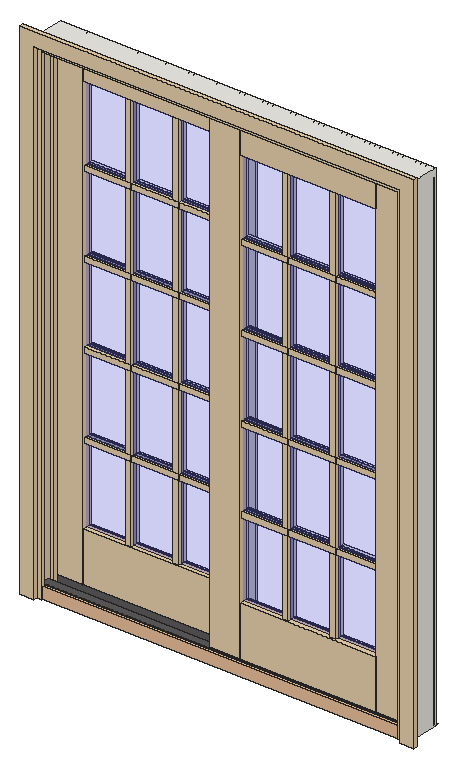
Revit family "Door-Gliding-Andersen-E_Series-Double 2", category Doors, host Wall, Revit 2013
Parameters
  Type Comments = "Aluminum-clad wood Gliding Door"  # constant formula
  Rough Width = Width + (Rough Opening Offset * 2)  # 5' - 0 1/2"
  Rough Height = if(1 > 0, Height + 0' 0 1/2", 0' 0")  # 6' - 8 1/2"
  Panel Type [instance] = Gliding_Panel : SP1
  Learn About These Parameters = "http://www.andersenwindows.com/for-professionals/cad-symbols-bim-support-window-doors/bim-support"
  LWide = if(or(Enter Pattern Number = 1, Enter Pattern Number = 2), . . Lights Wide, if(Enter Pattern Number = 6, . . .Lights Wide, 3))  # 3
  Grille Bar Sizes = "5/8'', 7/8'', 1 1/8'', 1 1/2'', 2 1/4''"  # constant formula
  Glazing Material = Glass ‐ Andersen - Low-E4 SmartSun
  Between Glass Grille Bar Sizes = "5/8'', 1''"  # constant formula
  Interior Trim Visibility = yes
  Grille Bar Size = 0' - 0 7/8"
  Enter Pattern Number = 1
  ..Pattern Number 1 = "Traditional"  # constant formula
  ..Pattern Number 2 = "Traditional Top Light Only"  # constant formula
  . . Lights Wide = 3
  . . Top Light Lights High = 5
  . . Bottom Light Lights High = 2
  ..Pattern Number 3 = "Prairie Each Light"  # constant formula
  ..Pattern Number 4 = "Prairie Top Light Only"  # constant formula
  ..Pattern Number 5 = "Prairie Overall"  # constant formula
  ..Pattern Number 6 = "Craftsman"  # constant formula
  . . .Lights Wide = 3
  Extension Jamb Visibility = yes
  . . .Lights High = 1
  . . .Bottom Bar Location = 1' - 0"
  . . .Bottom Bar Size = 0' - 0 7/8"
  Enter Exterior Trim Number = 0
  Exterior Trim Number 0 = "No Exterior Trim"  # constant formula
  Exterior Trim  Number 1 = "2'' Brick Mould (A753)"  # constant formula
  Exterior Trim Number 2 = "2'' Ovolo Brick Mould (A754)"  # constant formula
  Exterior Trim Number 3 = "3 1/2'' Brick Mould (A755)"  # constant formula
  Exterior Trim Number 4 = "3 1/2'' Backband & Bead Casing (A756)"  # constant formula
  Exterior Trim Number 5 = "3 1/2'' Flat Casing (A75B)"  # constant formula
  Exterior Trim Number 6 = "5 1/2'' Flat Casing (A758)"  # constant formula
  Interior Grille Bar Visibility = yes
  Exterior Grille Bar Visibility = yes
  Between Glass Grille Bar Visibility = yes
  xjamb Visibility [instance] = and(Extension Jamb Visibility, Wall Depth > 0' 4 9/16")  # no
  xjamb S1 [instance] = if(Wall Depth < 0' 4 5/8", 0' 0 1/16", 0' 0")  # 0' - 0 1/16"
  casingS2 = if(Enter Exterior Trim Number = 3, 0' 0 7/8", 0' 0 3/8")  # 0' - 0 3/8"
  casingS1 = if(Enter Exterior Trim Number = 1, 0' 0 5/8", if(or(Enter Exterior Trim Number = 2, Enter Exterior Trim Number = 3), 0' 1 1/2", 0' 0 3/8"))  # 0' - 0 3/8"
  casing4 = if(or(Enter Exterior Trim Number = 1, Enter Exterior Trim Number = 2), 0' 1 5/8", if(Enter Exterior Trim Number = 6, 0' 5 1/8", 0' 3 1/8"))  # 0' - 3 1/8"
  casing3 = if(Enter Exterior Trim Number = 1, 0' 0 3/8", if(Enter Exterior Trim Number = 2, 0' 0 5/16", 0' 0 9/16"))  # 0' - 0 9/16"
  casing2 = if(Enter Exterior Trim Number = 1, 0' 0 7/8", if(Enter Exterior Trim Number = 2, 0' 1 9/16", 0' 1 7/16"))  # 0' - 1 7/16"
  casing1 = 0' - 0 1/4"  # constant formula
  Wall Thickness [instance] = 0' - 8"
  Wall Depth [instance] = 0' - 4 9/16"
  Void Offset 1 [instance] = if(Enter Exterior Trim Number > 0, casing4, 0' 0")  # 0' - 0"
  Void Depth [instance] = if(Wall Thickness > Wall Depth, 0' 1" + Wall Thickness - Wall Depth, 0' 1")  # 0' - 4 7/16"
  VGB DLO = if(or(Enter Pattern Number = 3, or(Enter Pattern Number = 4, Enter Pattern Number = 5)), 0' 4", (H DLO - (Grille Bar Size * (V Bars))) / if(LWide > 2, LWide, 3))  # 1' - 3.41667"
  V Bars = if(LWide > 2, LWide - 1, 2)  # 2
  URL = "www.eaglewindow.com"
  TS V DLO = Height - HGO - SGO  # 5' - 8"
  TS V Bar Length = if(Enter Pattern Number = 6, . . .Bottom Bar Location - HGO - (. . .Bottom Bar Size / 2), TS V DLO)  # 5' - 8"
  TS SH DLO = if(Enter Pattern Number = 5, HGO + 0' 4" + (Grille Bar Size / 2), if(Enter Pattern Number = 6, . . .Bottom Bar Location, (TS V DLO / 2) + HGO))  # 3' - 4"
  TS S V = LWide = 2  # no
  TS S H Craftsman = and(Enter Pattern Number = 6, . . .Lights High = 2)  # no
  TS S H = and(. . Top Light Lights High = 2, or(or(or(Enter Pattern Number = 5, Enter Pattern Number = 6), Enter Pattern Number = 1), Enter Pattern Number = 2))  # no
  TS M V = or(or(or(or(or(and(LWide > 2, Enter Pattern Number = 1), and(LWide > 2, Enter Pattern Number = 2)), Enter Pattern Number = 3), Enter Pattern Number = 4), Enter Pattern Number = 5), and(LWide > 2, Enter Pattern Number = 6))  # yes
  TS M H = or(or(or(and(. . Top Light Lights High > 2, Enter Pattern Number = 1), and(. . Top Light Lights High > 2, Enter Pattern Number = 2), Enter Pattern Number = 3), Enter Pattern Number = 4), and(. . .Lights High > 2, Enter Pattern Number = 6))  # yes
  TS HGB DLO = if(or(Enter Pattern Number = 3, Enter Pattern Number = 4), 0' 4", if(and(Enter Pattern Number = 6, . . .Lights High > 2), (TS V Bar Length - (Grille Bar Size * (. . .Lights High - 1))) / . . .Lights High, if(. . Top Light Lights High > 2, (TS V Bar Length - (Grille Bar Size * (. . Top Light Lights High - 1))) / . . Top Light Lights High, 0' 4")))  # 1' - 0.9"
  TS H Bars = if(or(Enter Pattern Number = 3, Enter Pattern Number = 4), 2, if(and(Enter Pattern Number = 6, . . .Lights High > 2), . . .Lights High - 1, if(. . Top Light Lights High > 2, . . Top Light Lights High - 1, 2)))  # 4
  Sill Interior Offset [instance] = 0' - 0 5/128"  # constant formula
  Sill Height [instance] = 0' - 1 7/8"  # constant formula
  Rough Opening Offset = 0' - 0 1/4"
  Panel Bottom Inset [instance] = 0' - 2 5/32"  # constant formula
  Sill Depth [instance] = 0' - 6 1/16"  # constant formula
  SGO = 0' - 6"  # constant formula
  Product Documentation Link = "www.eaglewindow.com/_Products/Ascent-Sliding-French-Doors.aspx"
  Panel Width = ((Width / 2) - 0' 1 3/4") + 0' 3"  # 2' - 7 1/4"
  Panel Height [instance] = CTRL Height - 0' 0 31/32" - Panel Bottom Inset  # 6' - 4 7/8"
  Nail Fin Visibility = Enter Exterior Trim Number = 0  # yes
  Model = "E-Series Gliding"  # constant formula
  Masonry Width = if(Enter Exterior Trim Number > 0, Width + ((casing4 + Masonry Opening Offset) * 2), Width + (Masonry Opening Offset * 2))  # 5' - 0 1/2"
  Masonry Opening Offset = 0' - 0 1/4"
  Masonry Height = if(Enter Exterior Trim Number > 0, Height + (casing4 + 0' 0 1/2"), Height + 0' 0 1/2")  # 6' - 8 1/2"
  Manufacturer = "Andersen Corporation"  # constant formula
  JGO = 0' - 6"  # constant formula
  Is Gliding = 1 = 1  # yes
  Interior Trim Size = 0' - 2 1/4"
  Interior Material = Wood - Andersen - Pine
  Horizontal Craftsman Bar Size = if(Enter Pattern Number = 6, . . .Bottom Bar Size, Grille Bar Size)  # 0' - 0 7/8"
  HGO = 0' - 6"  # constant formula
  H DLO = Width - (JGO * 2)  # 4' - 0"
  Function = Exterior
  Height = 6' - 8"
  Wall Closure = By host
  Width = 5' - 0"
  Frame Interior Inset [instance] = 0' - 0"  # constant formula
  Frame Depth [instance] = 0' - 5 29/32"  # constant formula
  Family Version = "06.01.14"  # constant formula
  Exterior Trim Finish = Aluminum - Andersen - Painted - White
  Exterior Panel Finish = Aluminum - Andersen - Painted - White
  Exterior Grille Bar Finish = Aluminum - Andersen - Painted - White
  Exterior Frame Finish = Aluminum - Andersen - Painted - White
  Designation = "GD"
  Description = "Aluminum-clad wood Gliding Door"  # constant formula
  Coarse Plan [instance] = if(Wall Depth > Wall Thickness, Wall Thickness, Wall Depth)  # 0' - 4 9/16"
  Casing Visibility [instance] = Enter Exterior Trim Number > 0  # no
  CTRL Height [instance] = Height  # 6' - 8"
  Between Glass Grille Bar Finish = Stainless Steel - Andersen - Standard
  BS V DLO = Height - HGO - SGO  # 5' - 8"
  BS SH DLO = if(Enter Pattern Number = 5, SGO + 0' 4" + (Grille Bar Size / 2), (BS V DLO / 2) + SGO)  # 3' - 4"
  BS S V = and(LWide = 2, Enter Pattern Number = 1)  # no
  BS S H = or(and(. . Bottom Light Lights High = 2, Enter Pattern Number = 1), Enter Pattern Number = 5)  # yes
  BS M V = or(or(and(LWide > 2, Enter Pattern Number = 1), Enter Pattern Number = 3), Enter Pattern Number = 5)  # yes
  BS M H = or(and(. . Bottom Light Lights High > 2, Enter Pattern Number = 1), Enter Pattern Number = 3)  # no
  BS HGB DLO = if(. . Bottom Light Lights High > 2, if(Enter Pattern Number = 3, 0' 4", (BS V DLO - (Grille Bar Size * (. . Bottom Light Lights High - 1))) / . . Bottom Light Lights High), 0' 2")  # 0' - 2"
  BS H Bars = if(. . Bottom Light Lights High > 2, . . Bottom Light Lights High - 1, 2)  # 2
Reference planes (in)
  plane 1 "Center (Front/Back)": y = 0
  plane 2 "Center (Left/Right)": x = 0
  plane 3 "R Frame": x = -30
  plane 4 "L Frame": x = 30
  plane 5 "T Frame": z = 80
  plane 6 "Wall S1": y = 3.71875
  plane 7 "Wall S2": y = -4.28125
  plane 8 "Interior Casing": y = -4.90625
  plane 9 "Frame S2": y = -4.28125
  plane 10 "Flange": y = 0.28125
  plane 11 "Frame S1": y = 1.34375
  plane 12 "Casing S2": y = 1.71875
  plane 13 "Casing S1": y = 1.71875
  plane 14 "Exterior Offset": y = 4.71875
  plane 15 "Coarse Detail Plan": y = 1.5625
  plane 16 "R Rough Opening": x = -30.25
  plane 17 "R Casing 1": x = -29.75
  plane 18 "R Casing 2": x = -31.6875
  plane 19 "R Casing 3": x = -32.5625
  plane 20 "R Casing 4": x = -33.125
  plane 21 "R Masonry Opening": x = -30.25
  plane 22 "L Masonry Opening": x = 30.25
  plane 23 "L Casing 4": x = 33.125
  plane 24 "L Casing 3": x = 32.5625
  plane 25 "L Casing 2": x = 31.6875
  plane 26 "L Casing 1": x = 29.75
  plane 27 "L Rough Opening": x = 30.25
  plane 28 "T Rough Opening": z = 80.5
  plane 29 "T Casing 1": z = 79.75
  plane 30 "T Casing 2": z = 81.6875
  plane 31 "T Casing 3": z = 82.5625
  plane 32 "T Casing 4": z = 83.125
  plane 33 "T Masonry Opening": z = 83.625
  plane 34 "R Int Casing": x = -31.5
  plane 35 "R Xjamb 2": x = -29.875
  plane 36 "R Xjamb 1": x = -29.25
  plane 37 "L Int Casing": x = 31.5
  plane 38 "L Xjamb 2": x = 29.875
  plane 39 "L Xjamb 1": x = 29.25
  plane 40 "T Int Casing": z = 81.5
  plane 41 "T Xjamb 2": z = 79.875
  plane 42 "T Xjamb 1": z = 79.25
  plane 43 "L Panel": x = 29.1872
  plane 44 "R Panel": x = -29.1875
  plane 45 "T Panel": z = 79.0312
  plane 46 "B Panel": z = 2.1562
  plane 47 "B Glazing": z = 10.1562
  plane 48 "T Glazing": z = 74.3437
  plane 49 "L Glazing": x = 24.4997
  plane 50 "R Glazing": x = -24.5
  plane 51 "Panel1 S1": y = -1.88625
  plane 52 "Panel1 S2": y = -3.63625
  plane 53 "Xjamb S1": y = -4.21875
  plane 54 "Frame S2 Ext": y = 1.625
  plane 55 "Stop Exterior": y = -1.20413
  plane 56 "Stop Interior": y = -1.71975
  plane 57 "Sill Exterior": y = 1.78125
  plane 58 "L Stop": x = 28.5
  plane 59 "R Stop": x = -28.5
  plane 60 "T Stop": z = 78.4375
  plane 61 "Sill Height": z = 1.875
  plane 62 "Panel2 S1": y = 0.625
  plane 63 "Panel2 S2": y = -1.1355
  plane 64 "R Panel Width": x = 2.0625
  plane 65 "Top of sill": z = 2.25
Forms (in)
  Extrusion 1, void
    sketch origin (0, 0, 0) x (1, 0, 0) y (0, 0, 1)
      loop
        line (30, 80) -> (-30, 80) -> (-30, 0) -> (30, 0) -> (30, 80)
    from -0.28125 to 4.28125
  Extrusion 2, void
    sketch origin (0, 0, 0) x (1, 0, 0) y (0, 0, 1)
      loop
        line (30, 80) -> (-30, 80) -> (-30, 0) -> (30, 0) -> (30, 80)
    from -15.71875 to -0.28125
  Sweep 3, solid, material "Aluminum - Andersen - Painted - White" <- "Exterior Trim Finish", visible <- "Casing Visibility", detail levels medium+fine
    path origin (0, 0.28125, 0) x (-1, 0, 0) y (0, 0, 1)
      loop
        line (-33.125, 0) -> (-33.125, 83.125) -> (33.125, 83.125) -> (33.125, 0)
    profile origin (33.125, 0.28125, 41.5625) x (1, 0, 0) y (0, 1, 0)
      loop
        line (-1.4375, 1.4375) -> (-3.375, 1.4375) -> (-3.375, 0) -> (0, 0) -> (0, 1.4375) -> (-0.5625, 1.4375) -> (-1.4375, 1.4375)
  Extrusion 4, solid, material "Aluminum - Andersen - Painted - White" <- "Exterior Trim Finish", visible <- "Casing Visibility", detail levels coarse
    sketch origin (0, 0.28125, 0) x (-1, 0, 0) y (0, 0, 1)
      loop
        line (-29.75, 79.75) -> (29.75, 79.75) -> (29.75, 0) -> (33.125, 0) -> (33.125, 83.125) -> (-33.125, 83.125) -> (-33.125, 0) -> (-29.75, 0) -> (-29.75, 79.75)
    from 0 to 1.4375
  Extrusion 5, solid, material "Wood - Andersen - Pine" <- "Interior Material", visible <- "Interior Trim Visibility", detail levels fine
    sketch origin (0, 0, 0) x (1, 0, 0) y (0, 0, 1)
      loop
        line (-29.25, 79.25) -> (29.25, 79.25) -> (29.25, 0) -> (31.5, 0) -> (31.5, 81.5) -> (-31.5, 81.5) -> (-31.5, 0) -> (-29.25, 0) -> (-29.25, 79.25)
    from 4.28125 to 4.90625
  Extrusion 6, solid, material "Wood - Andersen - Pine" <- "Interior Material", visible <- "xjamb Visibility", detail levels medium+fine
    sketch origin (0, 0, 0) x (1, 0, 0) y (0, 0, 1)
      loop
        line (-29.875, 0) -> (-29.25, 0) -> (-29.25, 79.25) -> (29.25, 79.25) -> (29.25, 0) -> (29.875, 0) -> (29.875, 79.875) -> (-29.875, 79.875) -> (-29.875, 0)
    from 4.21875 to 4.28125
  Sweep 7, solid, material "Aluminum - Andersen - Painted - White" <- "Exterior Frame Finish", detail levels medium+fine
    path origin (0, 0.28125, 0) x (-1, 0, 0) y (0, 0, 1)
      loop
        line (-30, 0) -> (-30, 80) -> (30, 80) -> (30, 0)
    profile origin (30, 0.28125, 40) x (1, 0, 0) y (0, 1, 0)
      loop
        line (0, -4.5625) -> (0, 1.0625) -> (-0.25, 1.0625) -> (-0.4375, 1.34375) -> (-1.5, 1.34375) -> (-1.5, 0.34375) -> (-0.75, 0.34375) -> (-0.75, -1.48538) -> (-1.375, -1.48538) -> (-1.375, -2.001) -> (-0.75, -2.001) -> (-0.75, -4.0625) -> (-1.5, -4.0625) -> (-1.5, -4.5625) -> (0, -4.5625)
  Sweep 8, solid, material "Aluminum - Andersen - Painted - White" <- "Exterior Frame Finish", detail levels coarse
    path origin (-0.30351, 0.28125, 0) x (-1, 0, 0) y (0, 0, 1)
      loop
        line (-30.30351, 0) -> (-30.30351, 80) -> (29.69649, 80) -> (29.69649, 0)
    profile origin (30, 0.28125, 40) x (1, 0, 0) y (0, 1, 0)
      loop
        line (-0.75, -4.5625) -> (0, -4.5625) -> (0, 1.34375) -> (-0.75, 1.34375) -> (-0.75, -4.5625)
  Sweep 9, solid, material "Aluminum - Andersen - Anodized - Black", detail levels medium+fine
    path origin (0, 0.28125, 0) x (-1, 0, 0) y (0, 0, 1)
      loop
        line (-30, 0) -> (30, 0)
    profile origin (0, 0.28125, 0) x (0, 0, 1) y (0, 1, 0)
      loop
        line (0, -4.5) -> (1.875, -4.5) -> (1.875, -3.94709) -> (2.00898, -3.94709) -> (1.91719, -2.63442) -> (0.63229, -2.63442) -> (0.54751, -1.41675) -> (0.42251, -1.41675) -> (0.29543, 0.40833) -> (0.15625, 0.40833) -> (0.09649, 1.5) -> (0, 1.5) -> (0, -4.5)
  Sweep 10, solid, material "Fiberglass - Andersen - Terratone", detail levels coarse
    path origin (0, 0.28125, 0) x (-1, 0, 0) y (0, 0, 1)
      loop
        line (-30, 2.1562) -> (30, 2.1562)
    profile origin (0, 0.28125, 2.1562) x (0, 0, 1) y (0, 1, 0)
      loop
        line (0, 1.5) -> (-2.1562, 1.5) -> (-2.1562, -4.5625) -> (0, -4.5625) -> (0, 1.5)
  Sweep 11, void
    path origin (0, 0.28125, 0) x (-1, 0, 0) y (0, 0, 1)
      loop
        line (0, 0) -> (0, 2.1562)
    profile origin (0, 0.28125, 1.0781) x (1, 0, 0) y (0, 1, 0)
      loop
        line (28.5, -4.0625) -> (28.5, -4.5625) -> (30, -4.5625) -> (30, 1.0625) -> (29.75, 1.0625) -> (29.5625, 1.34375) -> (28.5, 1.34375) -> (28.5, 0.34375) -> (29.25, 0.34375) -> (29.25, -1.48538) -> (28.625, -1.48538) -> (28.625, -2.001) -> (29.25, -2.001) -> (29.25, -4.0625) -> (28.5, -4.0625)
      loop
        line (-28.5, -4.0625) -> (-29.25, -4.0625) -> (-29.25, -2.001) -> (-28.625, -2.001) -> (-28.625, -1.48538) -> (-29.25, -1.48538) -> (-29.25, 0.34375) -> (-28.5, 0.34375) -> (-28.5, 1.34375) -> (-29.5625, 1.34375) -> (-29.75, 1.0625) -> (-30, 1.0625) -> (-30, -4.5625) -> (-28.5, -4.5625) -> (-28.5, -4.0625)
  Sweep 12, solid, material "Wood - Andersen - Pine" <- "Interior Material", detail levels medium+fine
    path origin (0.97958, 0.28125, -3.29495) x (-1, 0, 0) y (0, 0, 1)
      loop
        line (-1.08292, 5.45115) -> (30.16708, 5.45115)
    profile origin (-13.5625, 0.28125, 2.1562) x (0, 0, 1) y (0, 1, 0)
      loop
        line (-1.73369, -1.41675) -> (0, -1.41675) -> (0, 0.34375) -> (-1.85627, 0.34375) -> (-1.73369, -1.41675)
  Sweep 13, void
    path origin (0, 1.78125, 0) x (-1, 0, 0) y (0, 0, 1)
      loop
        line (0, 0) -> (0, 2.25)
    profile origin (0, 1.78125, 1.125) x (1, 0, 0) y (0, 1, 0)
      loop
        line (29.25, -0.15625) -> (29.25, -6.0625) -> (30, -6.0625) -> (30, -0.15625) -> (29.25, -0.15625)
      loop
        line (-29.25, -0.15625) -> (-30, -0.15625) -> (-30, -6.0625) -> (-29.25, -6.0625) -> (-29.25, -0.15625)
Cuts and joins
  Sweep 11 cuts Sweep 9
  Sweep 13 cuts Sweep 10
Lines and regions (in)
  Masking region 1, visible <- "Casing Visibility"
    outline origin (0, 0, 0) x (0, 1, 0) y (0, 0, 1)
      loop
        line (0.28125, 80) -> (1.34375, 80) -> (1.34375, 79.75287) -> (1.625, 79.5625) -> (1.625, 0) -> (1.71875, 0) -> (1.71875, 83.125) -> (0.28125, 83.125) -> (0.28125, 80)
  Masking region 2
    outline origin (0, 0, 0) x (1, 0, 0) y (0, 1, 0)
      loop
        line (-30, 1.78125) -> (-30, -4.28125) -> (30, -4.28125) -> (30, 1.78125) -> (-30, 1.78125)
  Masking region 3
    outline origin (0, 0, 0) x (0, 1, 0) y (0, 0, 1)
      loop
        line (1.34375, 80) -> (-4.28125, 80) -> (-4.28125, 0) -> (1.625, 0) -> (1.625, 79.5625) -> (1.34375, 79.75287) -> (1.34375, 80)
  Masking region 4, visible <- "Casing Visibility", detail levels fine
    outline origin (0, 0, 0) x (1, 0, 0) y (0, 1, 0)
      loop
        line (-32.5625, 1.71875) -> (-33.125, 1.71875) -> (-33.125, 0.28125) -> (-30, 0.28125) -> (-30, 1.34375) -> (-29.75, 1.34375) -> (-29.75, 1.71875) -> (-31.6875, 1.71875) -> (-32.5625, 1.71875)
  Masking region 5, visible <- "Casing Visibility", detail levels fine
    outline origin (0, 0, 0) x (1, 0, 0) y (0, 1, 0)
      loop
        line (32.5625, 1.71875) -> (31.6875, 1.71875) -> (29.75, 1.71875) -> (29.75, 1.34375) -> (30, 1.34375) -> (30, 0.28125) -> (33.125, 0.28125) -> (33.125, 1.71875) -> (32.5625, 1.71875)
  Masking region 6, visible <- "Casing Visibility", detail levels coarse+medium
    outline origin (0, 0, 0) x (1, 0, 0) y (0, 1, 0)
      loop
        line (-33.125, 1.71875) -> (-33.125, 0.28125) -> (-30, 0.28125) -> (-30, 1.71875) -> (-33.125, 1.71875)
  Masking region 7, visible <- "Casing Visibility", detail levels coarse+medium
    outline origin (0, 0, 0) x (1, 0, 0) y (0, 1, 0)
      loop
        line (30, 1.71875) -> (30, 0.28125) -> (33.125, 0.28125) -> (33.125, 1.71875) -> (30, 1.71875)
  Masking region 8, visible <- "Casing Visibility"
    outline origin (0, 1.78125, 0) x (-1, 0, 0) y (0, 0, 1)
      loop
        line (-33.125, 83.125) -> (-33.125, 0) -> (-30, 0) -> (-30, 80) -> (30, 80) -> (30, 0) -> (33.125, 0) -> (33.125, 83.125) -> (-33.125, 83.125)
  Masking region 9, visible <- "Interior Trim Visibility", detail levels fine
    outline origin (0, -4.90625, 0) x (-1, 0, 0) y (0, 0, 1)
      loop
        line (-31.5, 81.5) -> (-31.5, 0) -> (-29.25, 0) -> (-29.25, 79.25) -> (29.25, 79.25) -> (29.25, 0) -> (31.5, 0) -> (31.5, 81.5) -> (-31.5, 81.5)
  Masking region 10
    outline origin (0, -4.21875, 0) x (-1, 0, 0) y (0, 0, 1)
      loop
        line (-30, 80) -> (-30, 0) -> (30, 0) -> (30, 80) -> (-30, 80)
      loop
        line (-28.5, 78.4375) -> (-28.5, 2.1562) -> (28.5, 2.1562) -> (28.5, 78.4375) -> (-28.5, 78.4375)
  Split face 1
    outline origin (2.0625, 0.28125, 2.1562) x (0, 0, -1) y (0, 1, 0)
      loop
        line (0, -0.03125) -> (1.83234, -0.03125)
  Masking region 11
    outline origin (0, 1.78125, 0) x (-1, 0, 0) y (0, 0, 1)
      loop
        line (30, 80) -> (-30, 80) -> (-30, 0) -> (30, 0) -> (30, 80)
      loop
        line (28.5, 78.4375) -> (-28.5, 78.4375) -> (-28.5, 2.1562) -> (28.5, 2.1562) -> (28.5, 78.4375)
  Masking region 12, visible <- "xjamb Visibility", detail levels medium+fine
    outline origin (0, 0, 0) x (1, 0, 0) y (0, 1, 0)
      loop
        line (-29.875, -4.21875) -> (-29.875, -4.28125) -> (-29.25, -4.28125) -> (-29.25, -4.21875) -> (-29.875, -4.21875)
  Masking region 13, visible <- "Interior Trim Visibility", detail levels fine
    outline origin (0, 0, 0) x (1, 0, 0) y (0, 1, 0)
      loop
        line (-31.5, -4.28125) -> (-31.5, -4.90625) -> (-29.25, -4.90625) -> (-29.25, -4.28125) -> (-31.5, -4.28125)
  Masking region 14, visible <- "xjamb Visibility", detail levels medium+fine
    outline origin (0, 0, 0) x (1, 0, 0) y (0, 1, 0)
      loop
        line (29.25, -4.21875) -> (29.25, -4.28125) -> (29.875, -4.28125) -> (29.875, -4.21875) -> (29.25, -4.21875)
  Masking region 15, visible <- "Interior Trim Visibility", detail levels fine
    outline origin (0, 0, 0) x (1, 0, 0) y (0, 1, 0)
      loop
        line (29.25, -4.28125) -> (29.25, -4.90625) -> (31.5, -4.90625) -> (31.5, -4.28125) -> (29.25, -4.28125)
  Masking region 16, visible <- "xjamb Visibility", detail levels medium+fine
    outline origin (0, 0, 0) x (0, 1, 0) y (0, 0, 1)
      loop
        line (-4.21875, 79.875) -> (-4.28125, 79.875) -> (-4.28125, 0) -> (-4.21875, 0) -> (-4.21875, 79.875)
  Masking region 17, visible <- "Interior Trim Visibility", detail levels fine
    outline origin (0, 0, 0) x (0, 1, 0) y (0, 0, 1)
      loop
        line (-4.28125, 81.5) -> (-4.90625, 81.5) -> (-4.90625, 0) -> (-4.28125, 0) -> (-4.28125, 81.5)
  Split face 2
    outline origin (30, -4.21875, 0) x (0, 1, 0) y (-1, 0, 0)
      loop
        line (0.4375, 1.5) -> (0.4375, 58.5)
  Split face 3
    outline origin (30, 1.78125, 2.1562) x (-1, 0, 0) y (0, -1, 0)
      loop
        line (0, 5.5625) -> (60, 5.5625)
  Split face 4
    outline origin (-30, 0.28125, 2.1562) x (0, 1, 0) y (0, 0, -1)
      loop
        line (-4.0625, 0) -> (-4.0625, 2.1562)
  Split face 5
    outline origin (30, 0.28125, 2.1562) x (0, 0, -1) y (0, 1, 0)
      loop
        line (0, -4.0625) -> (2.1562, -4.0625)
  Split face 6
    outline origin (30, -4.28125, 0) x (0, 1, 0) y (-1, 0, 0)
      loop
        line (0.5, 0) -> (0.5, 60)
  Split face 7
    outline origin (30, 1.625, 0) x (0, 0, 1) y (0, -1, 0)
      loop
        line (0, 2.82913) -> (80, 2.82913)
  Split face 8
    outline origin (30, 1.625, 80) x (-1, 0, 0) y (0, -1, 0)
      loop
        line (0, 2.82913) -> (60, 2.82913)
  Split face 9
    outline origin (-30, 1.625, 80) x (0, 0, -1) y (0, -1, 0)
      loop
        line (0, 2.82913) -> (80, 2.82913)
  Split face 10
    outline origin (-30, 1.34375, 80) x (0, 0, -1) y (0, -1, 0)
      loop
        line (0, 2.54788) -> (80, 2.54788)
  Split face 11
    outline origin (30, 1.34375, 80) x (-1, 0, 0) y (0, -1, 0)
      loop
        line (60, 2.54788) -> (0, 2.54788)
  Split face 12
    outline origin (30, 1.34375, 0) x (0, 0, 1) y (0, -1, 0)
      loop
        line (80, 2.54788) -> (0, 2.54788)
  Split face 13
    outline origin (29.25, -4.28125, 0) x (0, 0, 1) y (0, 1, 0)
      loop
        line (79.25, 2.395) -> (0, 2.395)
  Split face 14
    outline origin (29.25, -4.28125, 79.25) x (0, 1, 0) y (-1, 0, 0)
      loop
        line (3.14575, 58.5) -> (3.14575, 29.25) -> (2.395, 29.25) -> (2.395, 0)
  Split face 15
    outline origin (-29.25, -4.28125, 79.25) x (0, 0, -1) y (0, 1, 0)
      loop
        line (0, 3.14575) -> (79.25, 3.14575)
  symbolic lines, style "DoorsFrameMullionProjection", visible <- "Casing Visibility", detail levels medium+fine
    curve 1: line (0, 1.71875, 82.5625) -> (0, 1.71875, 81.6875)
    curve 2: line (0, 1.71875, 81.6875) -> (0, 1.71875, 79.75)
    curve 3: line (0, 1.71875, 79.75) -> (0, 1.34375, 79.75)
    curve 6: line (33.125, 0.28125, 2.1562) -> (34.75, 0.28125, 2.1562)
    curve 7: line (-33.125, 0.28125, 2.1562) -> (-34.75, 0.28125, 2.1562)
    curve 119: line (0, 0.28125, 84.75) -> (0, 0.28125, 83.125)
  symbolic lines, style "DoorsFrameMullionProjection", detail levels coarse
    curve 4: line (0, 1.34375, 80) -> (0, 1.71875, 80)
    curve 8: line (29.25, 1.625, 2.1562) -> (29.25, -4.28125, 2.1562)
    curve 9: line (0, 1.74219, 0) -> (0, 1.74219, 2.1562)
    curve 10: line (0, 1.74219, 2.1562) -> (0, -4.28125, 2.1562)
    curve 11: line (0, -4.28125, 79.25) -> (0, 1.625, 79.25)
    curve 31: line (-30, 1.625, 2.1562) -> (-29.25, 1.625, 2.1562)
    curve 93: line (-29.25, 1.625, 2.1562) -> (-29.25, -4.28125, 2.1562)
    curve 118: line (29.25, 1.625, 2.1562) -> (30, 1.625, 2.1562)
  symbolic lines, style "DoorsFrameMullionProjection", visible <- "Interior Trim Visibility", detail levels fine
    curve 5: line (0, -4.28125, 79.25) -> (0, -4.90625, 79.25)
  symbolic lines, style "DoorsFrameMullionProjection", detail levels medium+fine
    curve 12: line (-29.625, -4.28125, 2.1562) -> (-30, -4.28125, 2.1562)
    curve 13: line (-28.5, 1.625, 0.8125) -> (-28.5, 0.625, 0.8125)
    curve 14: line (-28.5, 0.625, 0.8125) -> (-29.25, 0.625, 0.8125)
    curve 15: line (-29.25, 0.625, 0.8125) -> (-29.25, -1.20413, 0.8125)
    curve 16: line (-29.25, -1.20413, 0.8125) -> (-28.625, -1.20413, 0.8125)
    curve 17: line (-28.625, -1.20413, 0.8125) -> (-28.625, -1.71975, 0.8125)
    curve 18: line (-28.687, -4.28125, 0.8125) -> (-30, -4.28125, 0.8125)
    curve 20: line (-29.5625, 1.625, 0.8125) -> (-28.5, 1.625, 0.8125)
    curve 21: line (0, -1.20413, 78.625) -> (0, -1.71975, 78.625)
    curve 22: line (0, -1.20413, 79.25) -> (0, -1.20413, 78.625)
    curve 23: line (0, -1.20413, 79.25) -> (0, 0.625, 79.25)
    curve 24: line (0, 0.625, 79.25) -> (0, 0.625, 78.5)
    curve 25: line (0, 0.625, 78.5) -> (0, 1.625, 78.5)
    curve 26: line (0, 1.625, 78.5) -> (0, 1.625, 79.5625)
    curve 27: line (0, -4.28125, 78.4375) -> (0, -4.28125, 80)
    curve 40: line (-29.25, -1.71975, 0.8125) -> (-28.625, -1.71975, 0.8125)
    curve 41: line (-29.25, -1.71975, 0.8125) -> (-29.25, -3.78125, 0.8125)
    curve 42: line (-29.25, -3.78125, 0.8125) -> (-28.687, -3.78125, 0.8125)
    curve 43: line (-28.687, -3.78125, 0.8125) -> (-28.687, -4.28125, 0.8125)
    curve 44: line (-29.75, 1.34375, 0.8125) -> (-29.5625, 1.625, 0.8125)
    curve 50: line (28.5, 1.625, 0.8125) -> (28.5, 0.625, 0.8125)
    curve 51: line (28.5, 0.625, 0.8125) -> (29.25, 0.625, 0.8125)
    curve 52: line (29.25, 0.625, 0.8125) -> (29.25, -1.20413, 0.8125)
    curve 53: line (29.25, -1.20413, 0.8125) -> (28.625, -1.20413, 0.8125)
    curve 54: line (28.625, -1.20413, 0.8125) -> (28.625, -1.71975, 0.8125)
    curve 55: line (28.687, -4.28125, 0.8125) -> (30, -4.28125, 0.8125)
    curve 57: line (29.5625, 1.625, 0.8125) -> (28.5, 1.625, 0.8125)
    curve 58: line (29.25, -1.71975, 0.8125) -> (28.625, -1.71975, 0.8125)
    curve 59: line (29.25, -1.71975, 0.8125) -> (29.25, -3.78125, 0.8125)
    curve 60: line (29.25, -3.78125, 0.8125) -> (28.687, -3.78125, 0.8125)
    curve 61: line (28.687, -3.78125, 0.8125) -> (28.687, -4.28125, 0.8125)
    curve 62: line (29.75, 1.34375, 0.8125) -> (29.5625, 1.625, 0.8125)
    curve 63: line (0, 0.68958, 0.15625) -> (0, 1.74219, 0.09649)
    curve 64: line (0, 1.74219, 0.09649) -> (0, 1.74219, 0)
    curve 65: line (0, -4.28125, 1.875) -> (0, -3.66584, 1.875)
    curve 66: line (0, -2.65625, 1.93838) -> (0, -2.35317, 1.91719)
    curve 67: line (0, -2.35317, 1.91719) -> (0, -2.35317, 0.63229)
    curve 68: line (0, -1.1355, 0.42251) -> (0, 0.68958, 0.29543)
    curve 69: line (0, -2.35317, 0.63229) -> (0, -1.1355, 0.54751)
    curve 70: line (0, 0.68958, 0.29543) -> (0, 0.68958, 0.15625)
    curve 71: line (0, -3.66584, 1.875) -> (0, -3.66584, 2.00898)
    curve 80: line (0, -1.71975, 79.25) -> (0, -1.71975, 78.625)
    curve 81: line (0, -1.71975, 79.25) -> (0, -3.78125, 79.25)
    curve 82: line (0, -3.78125, 79.25) -> (0, -3.78125, 78.4375)
    curve 83: line (0, -3.78125, 78.4375) -> (0, -4.28125, 78.4375)
    curve 84: line (0, 1.34375, 79.75287) -> (0, 1.625, 79.5625)
    curve 90: line (0, 0.625, 2.1562) -> (0, 0.625, 0.29993)
    curve 91: line (0, -1.1355, 2.1562) -> (0, -1.1355, 0.42251)
    curve 92: line (0, -1.1355, 2.1562) -> (0, 0.625, 2.1562)
    curve 111: line (30, -4.28125, 2.1562) -> (-30, -4.28125, 2.1562)
    curve 113: line (0, 1.34375, 80) -> (0, 1.34375, 79.75287)
    curve 115: line (29.75, 1.34375, 0) -> (30, 1.34375, 0)
    curve 116: line (-29.75, 1.34375, 0) -> (-30, 1.34375, 0)
    curve 124: line (0, -2.65625, 2.25) -> (0, -2.65625, 1.93838)
    curve 125: line (0, -2.90625, 2.25) -> (0, -2.90625, 1.95586)
    curve 126: line (0, -2.65625, 2.25) -> (0, -2.90625, 2.25)
    curve 127: line (0, -2.90625, 1.95586) -> (0, -3.66584, 2.00898)
    curve 142: line (1.8125, -1.1355, 0) -> (1.8125, -1.88625, 0)
    curve 143: line (0.8125, -1.1355, 0) -> (0.8125, -1.88625, 0)
  symbolic lines, style "DoorsFrameMullionProjection"
    curve 19: line (-30, -4.28125, 0.8125) -> (-30, 1.34375, 0.8125)
    curve 28: line (0, -4.28125, 80) -> (0, 1.34375, 80)
    curve 29: line (28.5, 1.78125, 2.1562) -> (28.5, 1.78125, 0)
    curve 30: line (-28.5, 1.78125, 2.1562) -> (-28.5, 1.78125, 0)
    curve 56: line (30, -4.28125, 0.8125) -> (30, 1.34375, 0.8125)
  symbolic lines, style "DoorsFrameMullionProjection", not visible, detail levels medium+fine
    curve 32: line (-16.75, 3.77622, 0.8125) -> (-16.75, 2.77622, 0.8125)
    curve 33: line (-16.75, 2.77622, 0.8125) -> (-17.5, 2.77622, 0.8125)
    curve 34: line (-17.5, 2.77622, 0.8125) -> (-17.5, 0.94709, 0.8125)
    curve 35: line (-17.5, 0.94709, 0.8125) -> (-16.875, 0.94709, 0.8125)
    curve 36: line (-16.875, 0.94709, 0.8125) -> (-16.875, 0.43147, 0.8125)
    curve 37: line (-16.937, -2.13003, 0.8125) -> (-18.25, -2.13003, 0.8125)
    curve 39: line (-17.8125, 3.77622, 0.8125) -> (-16.75, 3.77622, 0.8125)
    curve 45: line (-17.5, 0.43147, 0.8125) -> (-16.875, 0.43147, 0.8125)
    curve 46: line (-17.5, 0.43147, 0.8125) -> (-17.5, -1.63003, 0.8125)
    curve 47: line (-17.5, -1.63003, 0.8125) -> (-16.937, -1.63003, 0.8125)
    curve 48: line (-16.937, -1.63003, 0.8125) -> (-16.937, -2.13003, 0.8125)
    curve 49: line (-18, 3.49497, 0.8125) -> (-17.8125, 3.77622, 0.8125)
    curve 72: line (0, -0.20413, 78.625) -> (0, -0.71975, 78.625)
    curve 73: line (0, -0.20413, 79.25) -> (0, -0.20413, 78.625)
    curve 74: line (0, -0.20413, 79.25) -> (0, 1.625, 79.25)
    curve 75: line (0, 1.625, 79.25) -> (0, 1.625, 78.5)
    curve 76: line (0, 1.625, 78.5) -> (0, 2.625, 78.5)
    curve 77: line (0, 2.625, 78.5) -> (0, 2.625, 79.5625)
    curve 78: line (0, -3.28125, 78.4375) -> (0, -3.28125, 80)
    curve 85: line (0, -0.71975, 79.25) -> (0, -0.71975, 78.625)
    curve 86: line (0, -0.71975, 79.25) -> (0, -2.78125, 79.25)
    curve 87: line (0, -2.78125, 79.25) -> (0, -2.78125, 78.4375)
    curve 88: line (0, -2.78125, 78.4375) -> (0, -3.28125, 78.4375)
    curve 89: line (0, 2.34375, 79.75287) -> (0, 2.625, 79.5625)
    curve 97: line (0, 1.68958, 0.15625) -> (0, 2.74219, 0.09649)
    curve 98: line (0, 2.74219, 0.09649) -> (0, 2.74219, 0)
    curve 99: line (0, -3.28125, 1.875) -> (0, -2.66584, 1.875)
    curve 100: line (0, -1.65625, 1.93838) -> (0, -1.35317, 1.91719)
    curve 101: line (0, -1.35317, 1.91719) -> (0, -1.35317, 0.63229)
    curve 102: line (0, -0.1355, 0.42251) -> (0, 1.68958, 0.29543)
    curve 103: line (0, -1.35317, 0.63229) -> (0, -0.1355, 0.54751)
    curve 104: line (0, 1.68958, 0.29543) -> (0, 1.68958, 0.15625)
    curve 105: line (0, -2.66584, 1.875) -> (0, -2.66584, 2.00898)
    curve 106: line (0, 1.625, 2.1562) -> (0, 1.625, 0.29993)
    curve 107: line (0, -0.1355, 2.1562) -> (0, -0.1355, 0.42251)
    curve 108: line (0, -0.1355, 2.1562) -> (0, 1.625, 2.1562)
    curve 114: line (0, 2.34375, 80) -> (0, 2.34375, 79.75287)
    curve 117: line (-18, 3.49497, 0) -> (-18.25, 3.49497, 0)
    curve 128: line (0, -1.65625, 2.25) -> (0, -1.65625, 1.93838)
    curve 129: line (0, -1.90625, 2.25) -> (0, -1.90625, 1.95586)
    curve 130: line (0, -1.65625, 2.25) -> (0, -1.90625, 2.25)
    curve 131: line (0, -1.90625, 1.95586) -> (0, -2.66584, 2.00898)
  symbolic lines, style "DoorsFrameMullionProjection", not visible
    curve 38: line (-18.25, -2.13003, 0.8125) -> (-18.25, 3.49497, 0.8125)
    curve 79: line (0, -3.28125, 80) -> (0, 2.34375, 80)
  symbolic lines, style "DoorsFrameMullionProjection", not visible, detail levels coarse
    curve 94: line (-17.5, 3.77622, 2.1562) -> (-17.5, -2.13003, 2.1562)
    curve 95: line (0, 2.74219, 0) -> (0, 2.74219, 2.1562)
    curve 96: line (0, 2.74219, 2.1562) -> (0, -3.28125, 2.1562)
  symbolic lines, style "DoorsFrameMullionProjection", visible <- "Nail Fin Visibility", detail levels medium+fine
    curve 109: line (30, 0.28125, 2.1562) -> (31.5, 0.28125, 2.1562)
    curve 110: line (-30, 0.28125, 2.1562) -> (-31.5, 0.28125, 2.1562)
    curve 120: line (0, 0.28125, 81.5) -> (0, 0.28125, 80)
  symbolic lines, style "DoorsFrameMullionProjection", visible <- "xjamb Visibility", detail levels medium+fine
    curve 112: line (0, -4.21875, 79.25) -> (0, -4.28125, 79.25)
  symbolic lines, style "DoorsFrameMullionProjection", visible <- "Casing Visibility"
    curve 121: line (-33.125, 1.71875, 0) -> (-33.125, 0.28125, 0)
    curve 122: line (33.125, 1.71875, 0) -> (33.125, 0.28125, 0)
    curve 123: line (0, 1.71875, 83.125) -> (0, 0.28125, 83.125)
  symbolic lines, style "DoorsFrameMullionProjection", not visible, detail levels fine
    curve 132: line (1.5625, -0.125, 0) -> (1.5625, -0.88625, 0)
    curve 133: line (1.0625, -0.125, 0) -> (1.0625, -0.43776, 0)
    curve 134: line (0.5625, -0.63977, 0) -> (0.5625, -0.88625, 0)
    curve 135: line (1.0625, -0.43776, 0) -> (0.5625, -0.63977, 0)
    curve 136: line (-2.1253, -0.38625, 0) -> (-2.1253, -1.38625, 0)
    curve 137: line (-2.1253, -1.38625, 0) -> (-2.0628, -1.38625, 0)
    curve 138: line (-1.5628, -0.88625, 0) -> (-1.5628, -0.82375, 0)
    curve 139: line (-2.1253, -0.38625, 0) -> (-2.0628, -0.38625, 0)
    curve 140: line (-2.0628, -0.38625, 0) -> (-2.0628, -0.82375, 0)
    curve 141: line (-2.0628, -0.82375, 0) -> (-1.5628, -0.82375, 0)
Text (in)
  text "Exterior" at (-74.96733, 27.31104, 0), in view "Ref. Level"
  text "Interior" at (-74.96733, -25.14366, 0), in view "Ref. Level"
  text "Exterior" at (0, 40.15149, 123.01588), in view "Right"
  text "Interior" at (0, -64.39139, 123.01588), in view "Right"
  text "Interior" at (0, -31.01599, 123.00693), in view "Left"
  text "Exterior" at (0, 54.57065, 123.00693), in view "Left"
Dimensions and locks (in)
  equal spacing: plane 3 "R Frame", plane 2 "Center (Left/Right)", plane 4 "L Frame"
  "CTRL Height": level to plane 5 "T Frame"
  "Width": plane 3 "R Frame" to plane 4 "L Frame"
  host wall to plane 5 "T Frame" = 6' - 8"
  locked: plane 11 "Frame S1" to plane 10 "Flange" at 1.0625
  "casingS2": plane 12 "Casing S2" to plane 11 "Frame S1"
  locked: plane 8 "Interior Casing" to host wall at 0.625
  locked: plane 14 "Exterior Offset" to host wall at 1
  "Void Offset 1": plane 4 "L Frame" to Extrusion 2 sketch curve
  "Void Offset 1": plane 5 "T Frame" to Extrusion 2 sketch curve
  "Void Offset 1": Extrusion 2 sketch curve to plane 3 "R Frame"
  "casing1": plane 26 "L Casing 1" to plane 4 "L Frame"
  "Rough Opening Offset": plane 4 "L Frame" to plane 27 "L Rough Opening"
  "casing4": plane 4 "L Frame" to plane 23 "L Casing 4"
  "casing2": plane 25 "L Casing 2" to plane 23 "L Casing 4"
  "casing3": plane 24 "L Casing 3" to plane 23 "L Casing 4"
  "casing1": plane 3 "R Frame" to plane 17 "R Casing 1"
  "Rough Opening Offset": plane 16 "R Rough Opening" to plane 3 "R Frame"
  "casing4": plane 20 "R Casing 4" to plane 3 "R Frame"
  "casing2": plane 20 "R Casing 4" to plane 18 "R Casing 2"
  "casing3": plane 20 "R Casing 4" to plane 19 "R Casing 3"
  "casing1": plane 29 "T Casing 1" to plane 5 "T Frame"
  locked: plane 5 "T Frame" to plane 28 "T Rough Opening" at 0.5
  locked: plane 32 "T Casing 4" to plane 33 "T Masonry Opening" at 0.5
  "casing4": plane 5 "T Frame" to plane 32 "T Casing 4"
  "casing2": plane 30 "T Casing 2" to plane 32 "T Casing 4"
  "casing3": plane 31 "T Casing 3" to plane 32 "T Casing 4"
  locked: plane 3 "R Frame" to plane 35 "R Xjamb 2" at 0.125
  locked: plane 3 "R Frame" to plane 36 "R Xjamb 1" at 0.75
  "Interior Trim Size": plane 34 "R Int Casing" to plane 36 "R Xjamb 1"
  locked: plane 38 "L Xjamb 2" to plane 4 "L Frame" at 0.125
  locked: plane 39 "L Xjamb 1" to plane 4 "L Frame" at 0.75
  "Interior Trim Size": plane 39 "L Xjamb 1" to plane 37 "L Int Casing"
  locked: plane 41 "T Xjamb 2" to plane 5 "T Frame" at 0.125
  locked: plane 42 "T Xjamb 1" to plane 5 "T Frame" at 0.75
  locked: plane 42 "T Xjamb 1" to plane 40 "T Int Casing" at 2.25
  locked: plane 45 "T Panel" to plane 5 "T Frame" at 0.9688
  locked: plane 48 "T Glazing" to plane 45 "T Panel" at 4.6875
  locked: plane 46 "B Panel" to plane 47 "B Glazing" at 8
  locked: plane 3 "R Frame" to plane 44 "R Panel" at 0.8125
  locked: plane 44 "R Panel" to plane 50 "R Glazing" at 4.6875
  locked: plane 43 "L Panel" to plane 4 "L Frame" at 0.8128
  locked: plane 49 "L Glazing" to plane 43 "L Panel" at 4.6875
  locked: plane 51 "Panel1 S1" to plane 52 "Panel1 S2" at 1.75
  "xjamb S1": plane 53 "Xjamb S1" to plane 9 "Frame S2"
  locked: Extrusion 2 to host wall at 12
  "Void Depth": plane 14 "Exterior Offset" to Extrusion 2
  "Wall Thickness": host wall to host wall
  "Wall Depth": host wall to plane 10 "Flange"
  "casingS1": plane 13 "Casing S1" to plane 11 "Frame S1"
  "Frame Depth": plane 54 "Frame S2 Ext" to plane 9 "Frame S2"
  locked: plane 54 "Frame S2 Ext" to plane 55 "Stop Exterior" at 2.82913
  locked: plane 23 "L Casing 4" to curve 6 at 1.625
  locked: curve 7 to plane 20 "R Casing 4" at 1.625
  "Panel Height": plane 46 "B Panel" to plane 45 "T Panel"
  locked: plane 36 "R Xjamb 1" to plane 59 "R Stop" at 0.75
  "Sill Height": level to plane 61 "Sill Height"
  locked: plane 52 "Panel1 S2" to plane 9 "Frame S2" at 0.645
  locked: plane 62 "Panel2 S1" to plane 63 "Panel2 S2" at 1.7605
  locked: plane 54 "Frame S2 Ext" to plane 62 "Panel2 S1" at 1
  locked: plane 58 "L Stop" to plane 39 "L Xjamb 1" at 0.75
  locked: plane 55 "Stop Exterior" to plane 56 "Stop Interior" at 0.51562
  "Panel Width": plane 44 "R Panel" to plane 64 "R Panel Width"
  locked: plane 4 "L Frame" to curve 109 at 1.5
  locked: curve 110 to plane 3 "R Frame" at 1.5
  locked: plane 62 "Panel2 S1" to Split face 1 sketch curve at 0.375
  locked: plane 54 "Frame S2 Ext" to plane 10 "Flange" at 1.34375
  locked: plane 5 "T Frame" to curve 120 at 1.5
  locked: plane 32 "T Casing 4" to curve 119 at 1.625
  locked: plane 65 "Top of sill" to level at 2.25
  equal spacing: plane 21 "R Masonry Opening", plane 2 "Center (Left/Right)", plane 22 "L Masonry Opening"
  locked: plane 60 "T Stop" to plane 5 "T Frame" at 1.5625
  "Masonry Width": plane 21 "R Masonry Opening" to plane 22 "L Masonry Opening"
  locked: plane 57 "Sill Exterior" to plane 9 "Frame S2" at 6.0625
  locked: curve 142 to plane 64 "R Panel Width" at 0.25
  locked: curve 143 to curve 142 at 1
  aligned and locked: plane 6 "Wall S1" to host wall
  aligned and locked: plane 7 "Wall S2" to host wall
  aligned and locked: plane 5 "T Frame" to Extrusion 1 sketch curve
  aligned and locked: plane 4 "L Frame" to Extrusion 1 sketch curve
  aligned and locked: Extrusion 1 sketch curve to plane 3 "R Frame"
  aligned and locked: level to Extrusion 1 sketch curve
  aligned and locked: host wall to Extrusion 1
  aligned and locked: plane 10 "Flange" to Extrusion 1
  aligned and locked: level to Extrusion 2 sketch curve
  aligned and locked: level to Sweep 3 sketch curve  (x2)
  aligned and locked: plane 23 "L Casing 4" to Sweep 3 sketch curve  (x2)
  aligned and locked: plane 32 "T Casing 4" to Sweep 3 sketch curve
  aligned and locked: Sweep 3 sketch curve to plane 20 "R Casing 4"
  aligned and locked: plane 24 "L Casing 3" to Sweep 3 sketch curve
  aligned and locked: plane 12 "Casing S2" to Sweep 3 sketch curve
  aligned and locked: plane 25 "L Casing 2" to Sweep 3 sketch curve
  aligned and locked: Sweep 3 sketch curve to plane 13 "Casing S1"
  aligned and locked: plane 10 "Flange" to Sweep 3 sketch curve
  aligned and locked: Sweep 3 sketch curve to plane 26 "L Casing 1"
  aligned and locked: Sweep 3 sketch curve to plane 12 "Casing S2"
  aligned and locked: level to Extrusion 4 sketch curve  (x2)
  aligned and locked: plane 23 "L Casing 4" to Extrusion 4 sketch curve
  aligned and locked: Extrusion 4 sketch curve to plane 26 "L Casing 1"
  aligned and locked: plane 32 "T Casing 4" to Extrusion 4 sketch curve
  aligned and locked: Extrusion 4 sketch curve to plane 29 "T Casing 1"
  aligned and locked: Extrusion 4 sketch curve to plane 20 "R Casing 4"
  aligned and locked: plane 17 "R Casing 1" to Extrusion 4 sketch curve
  aligned and locked: Extrusion 4 to plane 10 "Flange"
  aligned and locked: plane 12 "Casing S2" to Sweep 3
  aligned and locked: plane 29 "T Casing 1" to curve 3
  aligned and locked: plane 5 "T Frame" to Masking region 1 sketch curve
  aligned and locked: Masking region 1 sketch curve to plane 10 "Flange"
  aligned and locked: Masking region 1 sketch curve to plane 32 "T Casing 4"
  aligned and locked: plane 13 "Casing S1" to Masking region 1 sketch curve
  aligned and locked: Masking region 1 sketch curve to level
  aligned and locked: plane 11 "Frame S1" to curve 4
  aligned and locked: Masking region 2 sketch curve to plane 3 "R Frame"
  aligned and locked: plane 4 "L Frame" to Masking region 2 sketch curve
  aligned and locked: plane 5 "T Frame" to Masking region 3 sketch curve
  aligned and locked: plane 9 "Frame S2" to Masking region 3 sketch curve
  aligned and locked: level to Masking region 3 sketch curve
  aligned and locked: plane 13 "Casing S1" to Masking region 4 sketch curve
  aligned and locked: plane 19 "R Casing 3" to Masking region 4 sketch curve
  aligned and locked: Masking region 4 sketch curve to plane 20 "R Casing 4"
  aligned and locked: plane 17 "R Casing 1" to Masking region 4 sketch curve
  aligned and locked: plane 11 "Frame S1" to Masking region 4 sketch curve
  aligned and locked: plane 3 "R Frame" to Masking region 4 sketch curve
  aligned and locked: Masking region 4 sketch curve to plane 12 "Casing S2"
  aligned and locked: plane 18 "R Casing 2" to Masking region 4 sketch curve
  aligned and locked: Masking region 4 sketch curve to plane 13 "Casing S1"
  aligned and locked: plane 25 "L Casing 2" to Masking region 5 sketch curve
  aligned and locked: plane 13 "Casing S1" to Masking region 5 sketch curve  (x2)
  aligned and locked: Masking region 5 sketch curve to plane 23 "L Casing 4"
  aligned and locked: plane 4 "L Frame" to Masking region 5 sketch curve
  aligned and locked: Masking region 5 sketch curve to plane 11 "Frame S1"
  aligned and locked: plane 26 "L Casing 1" to Masking region 5 sketch curve
  aligned and locked: plane 12 "Casing S2" to Masking region 5 sketch curve
  aligned and locked: plane 24 "L Casing 3" to Masking region 5 sketch curve
  aligned and locked: Masking region 6 sketch curve to plane 13 "Casing S1"
  aligned and locked: Masking region 6 sketch curve to plane 20 "R Casing 4"
  aligned and locked: plane 10 "Flange" to Masking region 6 sketch curve
  aligned and locked: plane 3 "R Frame" to Masking region 6 sketch curve
  aligned and locked: Masking region 7 sketch curve to plane 13 "Casing S1"
  aligned and locked: Masking region 7 sketch curve to plane 4 "L Frame"
  aligned and locked: plane 10 "Flange" to Masking region 7 sketch curve
  aligned and locked: plane 23 "L Casing 4" to Masking region 7 sketch curve
  aligned and locked: curve 4 to plane 5 "T Frame"
  aligned and locked: level to Extrusion 5 sketch curve  (x2)
  aligned and locked: Extrusion 5 sketch curve to plane 34 "R Int Casing"
  aligned and locked: plane 36 "R Xjamb 1" to Extrusion 5 sketch curve
  aligned and locked: plane 40 "T Int Casing" to Extrusion 5 sketch curve
  aligned and locked: Extrusion 5 sketch curve to plane 42 "T Xjamb 1"
  aligned and locked: plane 37 "L Int Casing" to Extrusion 5 sketch curve
  aligned and locked: Extrusion 5 sketch curve to plane 39 "L Xjamb 1"
  aligned and locked: Extrusion 5 to host wall
  aligned and locked: Extrusion 5 to plane 8 "Interior Casing"
  aligned and locked: level to Extrusion 6 sketch curve  (x2)
  aligned and locked: plane 36 "R Xjamb 1" to Extrusion 6 sketch curve
  aligned and locked: Extrusion 6 sketch curve to plane 35 "R Xjamb 2"
  aligned and locked: Extrusion 6 sketch curve to plane 42 "T Xjamb 1"
  aligned and locked: plane 41 "T Xjamb 2" to Extrusion 6 sketch curve
  aligned and locked: Extrusion 6 sketch curve to plane 39 "L Xjamb 1"
  aligned and locked: plane 38 "L Xjamb 2" to Extrusion 6 sketch curve
  aligned and locked: plane 53 "Xjamb S1" to Extrusion 6
  aligned and locked: host wall to Extrusion 6
  aligned and locked: plane 10 "Flange" to Masking region 4 sketch curve
  aligned and locked: Masking region 5 sketch curve to plane 10 "Flange"
  aligned and locked: level to Sweep 7 sketch curve  (x2)
  aligned and locked: plane 4 "L Frame" to Sweep 7 sketch curve
  aligned and locked: Sweep 7 sketch curve to plane 3 "R Frame"
  aligned and locked: plane 5 "T Frame" to Sweep 7 sketch curve
  aligned and locked: plane 5 "T Frame" to Sweep 8 sketch curve
  aligned and locked: plane 4 "L Frame" to Sweep 8 sketch curve  (x2)
  aligned and locked: Sweep 8 sketch curve to plane 3 "R Frame"
  aligned and locked: Sweep 8 sketch curve to plane 54 "Frame S2 Ext"
  aligned and locked: plane 9 "Frame S2" to Sweep 8 sketch curve
  aligned and locked: plane 4 "L Frame" to Sweep 9 sketch curve
  aligned and locked: plane 3 "R Frame" to Sweep 9 sketch curve
  aligned and locked: Sweep 9 sketch curve to level
  aligned and locked: plane 4 "L Frame" to Sweep 10 sketch curve
  aligned and locked: plane 3 "R Frame" to Sweep 10 sketch curve
  aligned and locked: plane 46 "B Panel" to Sweep 10 sketch curve  (x2)
  aligned and locked: Sweep 10 sketch curve to plane 57 "Sill Exterior"
  aligned and locked: level to Sweep 10 sketch curve
  aligned and locked: Masking region 2 sketch curve to plane 57 "Sill Exterior"
  aligned and locked: plane 9 "Frame S2" to curve 12
  aligned and locked: Masking region 8 sketch curve to plane 20 "R Casing 4"
  aligned and locked: plane 23 "L Casing 4" to Masking region 8 sketch curve
  aligned and locked: level to Masking region 8 sketch curve  (x2)
  aligned and locked: level to Masking region 9 sketch curve  (x2)
  aligned and locked: plane 37 "L Int Casing" to Masking region 9 sketch curve
  aligned and locked: Masking region 9 sketch curve to plane 34 "R Int Casing"
  aligned and locked: plane 40 "T Int Casing" to Masking region 9 sketch curve
  aligned and locked: plane 32 "T Casing 4" to Masking region 8 sketch curve
  aligned and locked: Masking region 10 sketch curve to plane 59 "R Stop"
  aligned and locked: plane 58 "L Stop" to Masking region 10 sketch curve
  aligned and locked: level to Masking region 10 sketch curve
  aligned and locked: plane 60 "T Stop" to Masking region 10 sketch curve
  aligned and locked: curve 30 to plane 59 "R Stop"
  aligned and locked: Masking region 10 sketch curve to plane 3 "R Frame"
  aligned and locked: plane 5 "T Frame" to Masking region 10 sketch curve
  aligned and locked: plane 4 "L Frame" to Masking region 10 sketch curve
  aligned and locked: curve 31 to plane 54 "Frame S2 Ext"
  aligned and locked: level to Sweep 11 sketch curve
  aligned and locked: Sweep 11 sketch curve to plane 2 "Center (Left/Right)"
  aligned and locked: nested 1 to plane 51 "Panel1 S1"
  aligned and locked: nested 1 to plane 43 "L Panel"
  aligned and locked: plane 9 "Frame S2" to Sweep 7 sketch curve
  aligned and locked: plane 54 "Frame S2 Ext" to Sweep 7 sketch curve
  aligned and locked: Sweep 7 sketch curve to plane 4 "L Frame"
  aligned and locked: Sweep 7 sketch curve to plane 39 "L Xjamb 1"
  aligned and locked: plane 39 "L Xjamb 1" to Sweep 7 sketch curve
  aligned and locked: Sweep 7 sketch curve to plane 58 "L Stop"  (x2)
  aligned and locked: Sweep 11 sketch curve to plane 4 "L Frame"
  aligned and locked: plane 39 "L Xjamb 1" to Sweep 11 sketch curve  (x2)
  aligned and locked: plane 58 "L Stop" to Sweep 11 sketch curve
  aligned and locked: plane 54 "Frame S2 Ext" to Sweep 11 sketch curve
  aligned and locked: Sweep 7 to Sweep 11 sketch curve  (x3)
  aligned and locked: Sweep 11 sketch curve to Sweep 7  (x12)
  aligned and locked: Sweep 11 sketch curve to plane 3 "R Frame"
  aligned and locked: plane 59 "R Stop" to Sweep 11 sketch curve
  aligned and locked: plane 9 "Frame S2" to Sweep 11 sketch curve
  aligned and locked: Sweep 11 sketch curve to plane 54 "Frame S2 Ext"
  aligned and locked: plane 36 "R Xjamb 1" to Sweep 11 sketch curve  (x2)
  aligned and locked: Sweep 7 sketch curve to plane 56 "Stop Interior"
  aligned and locked: plane 55 "Stop Exterior" to Sweep 7 sketch curve
  aligned and locked: curve 19 to plane 3 "R Frame"
  aligned and locked: curve 20 to plane 54 "Frame S2 Ext"
  aligned and locked: curve 56 to plane 4 "L Frame"
  aligned and locked: nested 1 to plane 46 "B Panel"
  aligned and locked: level to Sweep 9 sketch curve
  aligned and locked: Sweep 9 sketch curve to plane 57 "Sill Exterior"
  aligned and locked: Sweep 9 sketch curve to plane 61 "Sill Height"
  aligned and locked: curve 28 to plane 5 "T Frame"
  aligned and locked: curve 27 to plane 9 "Frame S2"
  aligned and locked: plane 46 "B Panel" to Sweep 11 sketch curve
  aligned and locked: plane 63 "Panel2 S2" to Sweep 9 sketch curve
  aligned and locked: curve 18 to curve 93
  aligned and locked: curve 37 to curve 94
  aligned and locked: curve 55 to curve 8
  aligned and locked: plane 46 "B Panel" to Sweep 12 sketch curve
  aligned and locked: plane 44 "R Panel" to Sweep 12 sketch curve
  aligned and locked: plane 64 "R Panel Width" to Sweep 12 sketch curve
  aligned and locked: Sweep 12 sketch curve to plane 46 "B Panel"
  aligned and locked: Sweep 12 sketch curve to plane 62 "Panel2 S1"
  aligned and locked: plane 63 "Panel2 S2" to Sweep 12 sketch curve
  aligned and locked: plane 12 "Casing S2" to curve 2
  aligned and locked: plane 4 "L Frame" to curve 109
  aligned and locked: Sweep 3 to plane 10 "Flange"
  aligned and locked: plane 46 "B Panel" to Masking region 10 sketch curve
  aligned and locked: plane 46 "B Panel" to curve 30
  aligned and locked: Masking region 10 to curve 29
  aligned and locked: Masking region 9 sketch curve to plane 39 "L Xjamb 1"
  aligned and locked: plane 36 "R Xjamb 1" to Masking region 9 sketch curve
  aligned and locked: Masking region 9 sketch curve to plane 42 "T Xjamb 1"
  aligned and locked: plane 4 "L Frame" to Masking region 11 sketch curve
  aligned and locked: plane 5 "T Frame" to Masking region 11 sketch curve
  aligned and locked: Masking region 11 sketch curve to plane 3 "R Frame"
  aligned and locked: level to Masking region 11 sketch curve
  aligned and locked: Masking region 11 sketch curve to plane 46 "B Panel"
  aligned and locked: plane 58 "L Stop" to Masking region 11 sketch curve
  aligned and locked: Masking region 11 sketch curve to plane 59 "R Stop"
  aligned and locked: plane 60 "T Stop" to Masking region 11 sketch curve
  aligned and locked: curve 111 to plane 46 "B Panel"
  aligned and locked: Masking region 12 sketch curve to plane 53 "Xjamb S1"
  aligned and locked: plane 36 "R Xjamb 1" to Masking region 12 sketch curve
  aligned and locked: Masking region 12 sketch curve to host wall
  aligned and locked: Masking region 12 sketch curve to plane 35 "R Xjamb 2"
  aligned and locked: host wall to Masking region 13 sketch curve
  aligned and locked: plane 36 "R Xjamb 1" to Masking region 13 sketch curve
  aligned and locked: plane 8 "Interior Casing" to Masking region 13 sketch curve
  aligned and locked: Masking region 13 sketch curve to plane 34 "R Int Casing"
  aligned and locked: Masking region 14 sketch curve to plane 53 "Xjamb S1"
  aligned and locked: plane 38 "L Xjamb 2" to Masking region 14 sketch curve
  aligned and locked: Masking region 14 sketch curve to plane 39 "L Xjamb 1"
  aligned and locked: Masking region 14 sketch curve to host wall
  aligned and locked: host wall to Masking region 15 sketch curve
  aligned and locked: plane 37 "L Int Casing" to Masking region 15 sketch curve
  aligned and locked: plane 8 "Interior Casing" to Masking region 15 sketch curve
  aligned and locked: Masking region 15 sketch curve to plane 39 "L Xjamb 1"
  aligned and locked: level to Masking region 16 sketch curve
  aligned and locked: Masking region 16 sketch curve to plane 53 "Xjamb S1"
  aligned and locked: Masking region 16 sketch curve to host wall
  aligned and locked: plane 41 "T Xjamb 2" to Masking region 16 sketch curve
  aligned and locked: level to Masking region 17 sketch curve
  aligned and locked: plane 8 "Interior Casing" to Masking region 17 sketch curve
  aligned and locked: Masking region 17 sketch curve to host wall
  aligned and locked: plane 40 "T Int Casing" to Masking region 17 sketch curve
  aligned and locked: plane 53 "Xjamb S1" to curve 112
  aligned and locked: plane 42 "T Xjamb 1" to curve 112
  aligned and locked: host wall to curve 5
  aligned and locked: plane 8 "Interior Casing" to curve 5
  aligned and locked: plane 42 "T Xjamb 1" to curve 5
  aligned and locked: plane 4 "L Frame" to curve 118
  aligned and locked: plane 39 "L Xjamb 1" to curve 118
  aligned and locked: curve 118 to plane 54 "Frame S2 Ext"
  aligned and locked: plane 9 "Frame S2" to Masking region 2 sketch curve
  aligned and locked: plane 9 "Frame S2" to Sweep 10 sketch curve
  aligned and locked: Sweep 9 sketch curve to plane 53 "Xjamb S1"
  aligned and locked: Masking region 1 sketch curve to plane 54 "Frame S2 Ext"
  aligned and locked: plane 11 "Frame S1" to Masking region 1 sketch curve
  aligned and locked: plane 13 "Casing S1" to curve 4
  aligned and locked: Masking region 3 sketch curve to plane 54 "Frame S2 Ext"
  aligned and locked: plane 11 "Frame S1" to Masking region 3 sketch curve
  aligned and locked: plane 23 "L Casing 4" to curve 6
  aligned and locked: plane 5 "T Frame" to curve 120
  aligned and locked: plane 32 "T Casing 4" to curve 119
  aligned and locked: plane 10 "Flange" to curve 119
  aligned and locked: plane 10 "Flange" to curve 120
  aligned and locked: plane 13 "Casing S1" to curve 121
  aligned and locked: plane 10 "Flange" to curve 121
  aligned and locked: plane 20 "R Casing 4" to curve 121
  aligned and locked: plane 13 "Casing S1" to curve 122
  aligned and locked: plane 10 "Flange" to curve 122
  aligned and locked: plane 23 "L Casing 4" to curve 122
  aligned and locked: plane 13 "Casing S1" to curve 123
  aligned and locked: plane 10 "Flange" to curve 123
  aligned and locked: plane 32 "T Casing 4" to curve 123
  aligned and locked: plane 9 "Frame S2" to curve 65
  aligned and locked: plane 54 "Frame S2 Ext" to curve 11
  aligned and locked: Sweep 7 sketch curve to plane 62 "Panel2 S1"
  aligned and locked: plane 60 "T Stop" to curve 83
  aligned and locked: plane 4 "L Frame" to Masking region 8 sketch curve
  aligned and locked: plane 5 "T Frame" to Masking region 8 sketch curve
  aligned and locked: Masking region 8 sketch curve to plane 3 "R Frame"
  aligned and locked: plane 3 "R Frame" to curve 111
  aligned and locked: plane 4 "L Frame" to curve 111
  aligned and locked: Sweep 11 sketch curve to plane 11 "Frame S1"
  aligned and locked: plane 11 "Frame S1" to Sweep 11 sketch curve
  aligned and locked: plane 54 "Frame S2 Ext" to Sweep 7
  aligned and locked: plane 54 "Frame S2 Ext" to curve 57
  aligned and locked: Split face 2 sketch curve to cut or joined group of Sweep 9, Sweep 11
  aligned and locked: Split face 3 sketch curve to Split face 2
  aligned and locked: Split face 4 sketch curve to Split face 3
  aligned and locked: Split face 5 sketch curve to Split face 3
  aligned and locked: Split face 6 sketch curve to Split face 5
  aligned and locked: plane 65 "Top of sill" to Sweep 13 sketch curve
  aligned and locked: level to Sweep 13 sketch curve
  aligned and locked: plane 2 "Center (Left/Right)" to Sweep 13 sketch curve
  aligned and locked: plane 4 "L Frame" to Sweep 13 sketch curve
  aligned and locked: plane 9 "Frame S2" to Sweep 13 sketch curve
  aligned and locked: Sweep 13 sketch curve to Sweep 8  (x2)
  aligned and locked: plane 3 "R Frame" to Sweep 13 sketch curve
  aligned and locked: Sweep 13 sketch curve to plane 9 "Frame S2"
  aligned and locked: Split face 7 sketch curve to Sweep 7
  aligned and locked: Split face 8 sketch curve to Split face 7
  aligned and locked: Split face 9 sketch curve to Split face 8
  aligned and locked: Split face 10 sketch curve to Sweep 7
